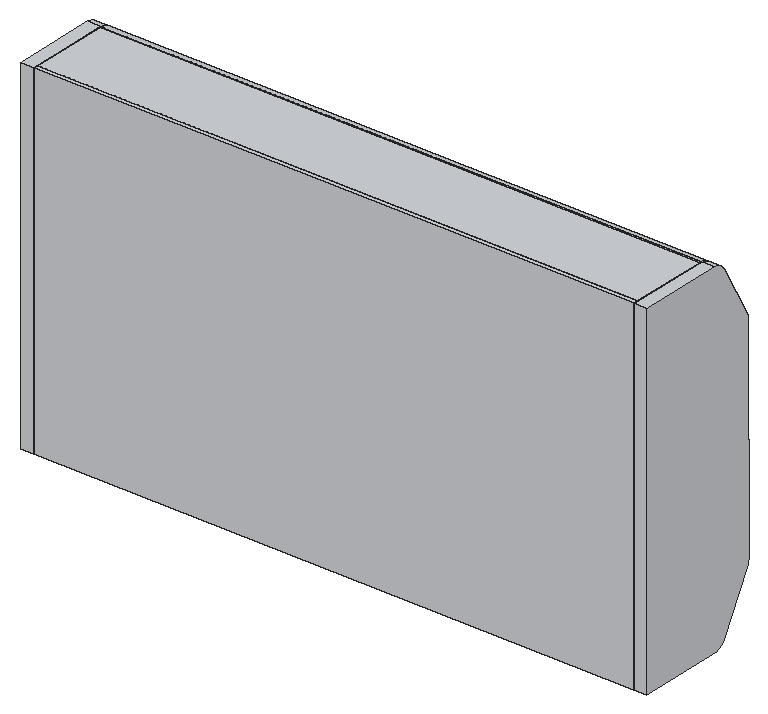
Revit family "Caspian LST 120 Mk1", category Mechanical Equipment, host Wall, Revit 2017 (continued)
Forms (mm)
  Extrusion 423, solid, material <- "Specification"
    sketch origin (148.731, 0, 660) x (0, 1, 0) y (0, 0, 1)
      loop
        line (310.877, -552.946) -> (308.696, -551.726) -> (261.439, -636.214) -> (263.621, -637.435) -> (310.877, -552.946)
    from 247.5 to 250
  Extrusion 424, solid, material <- "Specification"
    sketch origin (143.731, 0, 660) x (0, 1, 0) y (0, 0, 1)
      loop
        line (310.877, -552.946) -> (308.696, -551.726) -> (261.439, -636.214) -> (263.621, -637.435) -> (310.877, -552.946)
    from 247.5 to 250
  Extrusion 425, solid, material <- "Specification"
    sketch origin (138.731, 0, 660) x (0, 1, 0) y (0, 0, 1)
      loop
        line (310.877, -552.946) -> (308.696, -551.726) -> (261.439, -636.214) -> (263.621, -637.435) -> (310.877, -552.946)
    from 247.5 to 250
  Extrusion 426, solid, material <- "Specification"
    sketch origin (133.731, 0, 660) x (0, 1, 0) y (0, 0, 1)
      loop
        line (310.877, -552.946) -> (308.696, -551.726) -> (261.439, -636.214) -> (263.621, -637.435) -> (310.877, -552.946)
    from 247.5 to 250
  Extrusion 427, solid, material <- "Specification"
    sketch origin (128.731, 0, 660) x (0, 1, 0) y (0, 0, 1)
      loop
        line (310.877, -552.946) -> (308.696, -551.726) -> (261.439, -636.214) -> (263.621, -637.435) -> (310.877, -552.946)
    from 247.5 to 250
  Extrusion 428, solid, material <- "Specification"
    sketch origin (123.731, 0, 660) x (0, 1, 0) y (0, 0, 1)
      loop
        line (310.877, -552.946) -> (308.696, -551.726) -> (261.439, -636.214) -> (263.621, -637.435) -> (310.877, -552.946)
    from 247.5 to 250
  Extrusion 429, solid, material <- "Specification"
    sketch origin (118.731, 0, 660) x (0, 1, 0) y (0, 0, 1)
      loop
        line (310.877, -552.946) -> (308.696, -551.726) -> (261.439, -636.214) -> (263.621, -637.435) -> (310.877, -552.946)
    from 247.5 to 250
  Extrusion 430, solid, material <- "Specification"
    sketch origin (113.731, 0, 660) x (0, 1, 0) y (0, 0, 1)
      loop
        line (310.877, -552.946) -> (308.696, -551.726) -> (261.439, -636.214) -> (263.621, -637.435) -> (310.877, -552.946)
    from 247.5 to 250
  Extrusion 431, solid, material <- "Specification"
    sketch origin (108.731, 0, 660) x (0, 1, 0) y (0, 0, 1)
      loop
        line (310.877, -552.946) -> (308.696, -551.726) -> (261.439, -636.214) -> (263.621, -637.435) -> (310.877, -552.946)
    from 247.5 to 250
  Extrusion 432, solid, material <- "Specification"
    sketch origin (103.731, 0, 660) x (0, 1, 0) y (0, 0, 1)
      loop
        line (310.877, -552.946) -> (308.696, -551.726) -> (261.439, -636.214) -> (263.621, -637.435) -> (310.877, -552.946)
    from 247.5 to 250
  Extrusion 433, solid, material <- "Specification"
    sketch origin (98.731, 0, 660) x (0, 1, 0) y (0, 0, 1)
      loop
        line (310.877, -552.946) -> (308.696, -551.726) -> (261.439, -636.214) -> (263.621, -637.435) -> (310.877, -552.946)
    from 247.5 to 250
  Extrusion 434, solid, material <- "Specification"
    sketch origin (93.731, 0, 660) x (0, 1, 0) y (0, 0, 1)
      loop
        line (310.877, -552.946) -> (308.696, -551.726) -> (261.439, -636.214) -> (263.621, -637.435) -> (310.877, -552.946)
    from 247.5 to 250
  Extrusion 435, solid, material <- "Specification"
    sketch origin (88.731, 0, 660) x (0, 1, 0) y (0, 0, 1)
      loop
        line (310.877, -552.946) -> (308.696, -551.726) -> (261.439, -636.214) -> (263.621, -637.435) -> (310.877, -552.946)
    from 247.5 to 250
  Extrusion 436, solid, material <- "Specification"
    sketch origin (83.731, 0, 660) x (0, 1, 0) y (0, 0, 1)
      loop
        line (310.877, -552.946) -> (308.696, -551.726) -> (261.439, -636.214) -> (263.621, -637.435) -> (310.877, -552.946)
    from 247.5 to 250
  Extrusion 437, solid, material <- "Specification"
    sketch origin (78.731, 0, 660) x (0, 1, 0) y (0, 0, 1)
      loop
        line (310.877, -552.946) -> (308.696, -551.726) -> (261.439, -636.214) -> (263.621, -637.435) -> (310.877, -552.946)
    from 247.5 to 250
  Extrusion 438, solid, material <- "Specification"
    sketch origin (73.731, 0, 660) x (0, 1, 0) y (0, 0, 1)
      loop
        line (310.877, -552.946) -> (308.696, -551.726) -> (261.439, -636.214) -> (263.621, -637.435) -> (310.877, -552.946)
    from 247.5 to 250
  Extrusion 439, solid, material <- "Specification"
    sketch origin (68.731, 0, 660) x (0, 1, 0) y (0, 0, 1)
      loop
        line (310.877, -552.946) -> (308.696, -551.726) -> (261.439, -636.214) -> (263.621, -637.435) -> (310.877, -552.946)
    from 247.5 to 250
  Extrusion 440, solid, material <- "Specification"
    sketch origin (63.731, 0, 660) x (0, 1, 0) y (0, 0, 1)
      loop
        line (310.877, -552.946) -> (308.696, -551.726) -> (261.439, -636.214) -> (263.621, -637.435) -> (310.877, -552.946)
    from 247.5 to 250
  Extrusion 441, solid, material <- "Specification"
    sketch origin (58.731, 0, 660) x (0, 1, 0) y (0, 0, 1)
      loop
        line (310.877, -552.946) -> (308.696, -551.726) -> (261.439, -636.214) -> (263.621, -637.435) -> (310.877, -552.946)
    from 247.5 to 250
  Extrusion 442, solid, material <- "Specification"
    sketch origin (53.731, 0, 660) x (0, 1, 0) y (0, 0, 1)
      loop
        line (310.877, -552.946) -> (308.696, -551.726) -> (261.439, -636.214) -> (263.621, -637.435) -> (310.877, -552.946)
    from 247.5 to 250
  Extrusion 443, solid, material <- "Specification"
    sketch origin (48.731, 0, 660) x (0, 1, 0) y (0, 0, 1)
      loop
        line (310.877, -552.946) -> (308.696, -551.726) -> (261.439, -636.214) -> (263.621, -637.435) -> (310.877, -552.946)
    from 247.5 to 250
  Extrusion 444, solid, material <- "Specification"
    sketch origin (43.731, 0, 660) x (0, 1, 0) y (0, 0, 1)
      loop
        line (310.877, -552.946) -> (308.696, -551.726) -> (261.439, -636.214) -> (263.621, -637.435) -> (310.877, -552.946)
    from 247.5 to 250
  Extrusion 445, solid, material <- "Specification"
    sketch origin (38.731, 0, 660) x (0, 1, 0) y (0, 0, 1)
      loop
        line (310.877, -552.946) -> (308.696, -551.726) -> (261.439, -636.214) -> (263.621, -637.435) -> (310.877, -552.946)
    from 247.5 to 250
  Extrusion 446, solid, material <- "Specification"
    sketch origin (33.731, 0, 660) x (0, 1, 0) y (0, 0, 1)
      loop
        line (310.877, -552.946) -> (308.696, -551.726) -> (261.439, -636.214) -> (263.621, -637.435) -> (310.877, -552.946)
    from 247.5 to 250
  Extrusion 447, solid, material <- "Specification"
    sketch origin (28.731, 0, 660) x (0, 1, 0) y (0, 0, 1)
      loop
        line (310.877, -552.946) -> (308.696, -551.726) -> (261.439, -636.214) -> (263.621, -637.435) -> (310.877, -552.946)
    from 247.5 to 250
  Extrusion 448, solid, material <- "Specification"
    sketch origin (23.731, 0, 660) x (0, 1, 0) y (0, 0, 1)
      loop
        line (310.877, -552.946) -> (308.696, -551.726) -> (261.439, -636.214) -> (263.621, -637.435) -> (310.877, -552.946)
    from 247.5 to 250
  Extrusion 449, solid, material <- "Specification"
    sketch origin (18.731, 0, 660) x (0, 1, 0) y (0, 0, 1)
      loop
        line (310.877, -552.946) -> (308.696, -551.726) -> (261.439, -636.214) -> (263.621, -637.435) -> (310.877, -552.946)
    from 247.5 to 250
  Extrusion 450, solid, material <- "Specification"
    sketch origin (13.731, 0, 660) x (0, 1, 0) y (0, 0, 1)
      loop
        line (310.877, -552.946) -> (308.696, -551.726) -> (261.439, -636.214) -> (263.621, -637.435) -> (310.877, -552.946)
    from 247.5 to 250
  Extrusion 451, solid, material <- "Specification"
    sketch origin (8.731, 0, 660) x (0, 1, 0) y (0, 0, 1)
      loop
        line (310.877, -552.946) -> (308.696, -551.726) -> (261.439, -636.214) -> (263.621, -637.435) -> (310.877, -552.946)
    from 247.5 to 250
  Extrusion 452, solid, material <- "Specification"
    sketch origin (3.75, 0.436, 660) x (0, 1, 0) y (0, 0, 1)
      loop
        line (310.877, -552.946) -> (308.696, -551.726) -> (261.439, -636.214) -> (263.621, -637.435) -> (310.877, -552.946)
    from 247.5 to 250
  Extrusion 453, solid, material <- "Specification"
    sketch origin (-1.25, 0.436, 660) x (0, 1, 0) y (0, 0, 1)
      loop
        line (310.877, -552.946) -> (308.696, -551.726) -> (261.439, -636.214) -> (263.621, -637.435) -> (310.877, -552.946)
    from 247.5 to 250
  Extrusion 454, solid, material <- "Specification"
    sketch origin (263.731, 0, 660) x (0, 1, 0) y (0, 0, 1)
      loop
        line (310.877, -552.946) -> (308.696, -551.726) -> (261.439, -636.214) -> (263.621, -637.435) -> (310.877, -552.946)
    from 247.5 to 250
  Extrusion 455, solid, material <- "Specification"
    sketch origin (258.731, 0, 660) x (0, 1, 0) y (0, 0, 1)
      loop
        line (310.877, -552.946) -> (308.696, -551.726) -> (261.439, -636.214) -> (263.621, -637.435) -> (310.877, -552.946)
    from 247.5 to 250
  Extrusion 456, solid, material <- "Specification"
    sketch origin (253.731, 0, 660) x (0, 1, 0) y (0, 0, 1)
      loop
        line (310.877, -552.946) -> (308.696, -551.726) -> (261.439, -636.214) -> (263.621, -637.435) -> (310.877, -552.946)
    from 247.5 to 250
  Extrusion 457, solid, material <- "Specification"
    sketch origin (248.731, 0, 660) x (0, 1, 0) y (0, 0, 1)
      loop
        line (310.877, -552.946) -> (308.696, -551.726) -> (261.439, -636.214) -> (263.621, -637.435) -> (310.877, -552.946)
    from 247.5 to 250
  Extrusion 458, solid, material <- "Specification"
    sketch origin (243.731, 0, 660) x (0, 1, 0) y (0, 0, 1)
      loop
        line (310.877, -552.946) -> (308.696, -551.726) -> (261.439, -636.214) -> (263.621, -637.435) -> (310.877, -552.946)
    from 247.5 to 250
  Extrusion 459, solid, material <- "Specification"
    sketch origin (268.731, 0, 660) x (0, 1, 0) y (0, 0, 1)
      loop
        line (310.877, -552.946) -> (308.696, -551.726) -> (261.439, -636.214) -> (263.621, -637.435) -> (310.877, -552.946)
    from 247.5 to 250
  Extrusion 460, solid, material <- "Specification"
    sketch origin (6.25, 0, 660) x (0, 1, 0) y (0, 0, -1)
      loop
        line (310.877, 552.946) -> (263.621, 637.435) -> (261.439, 636.214) -> (308.696, 551.726) -> (310.877, 552.946)
    from 247.5 to 250
  Extrusion 461, solid, material <- "Specification"
    sketch origin (11.25, 0, 660) x (0, 1, 0) y (0, 0, -1)
      loop
        line (310.877, 552.946) -> (263.621, 637.435) -> (261.439, 636.214) -> (308.696, 551.726) -> (310.877, 552.946)
    from 247.5 to 250
  Extrusion 462, solid, material <- "Specification"
    sketch origin (16.25, 0, 660) x (0, 1, 0) y (0, 0, -1)
      loop
        line (310.877, 552.946) -> (263.621, 637.435) -> (261.439, 636.214) -> (308.696, 551.726) -> (310.877, 552.946)
    from 247.5 to 250
  Extrusion 463, solid, material <- "Specification"
    sketch origin (21.25, 0, 660) x (0, 1, 0) y (0, 0, -1)
      loop
        line (310.877, 552.946) -> (263.621, 637.435) -> (261.439, 636.214) -> (308.696, 551.726) -> (310.877, 552.946)
    from 247.5 to 250
  Extrusion 464, solid, material <- "Specification"
    sketch origin (26.25, 0, 660) x (0, 1, 0) y (0, 0, -1)
      loop
        line (310.877, 552.946) -> (263.621, 637.435) -> (261.439, 636.214) -> (308.696, 551.726) -> (310.877, 552.946)
    from 247.5 to 250
  Extrusion 465, solid, material <- "Specification"
    sketch origin (31.25, 0, 660) x (0, 1, 0) y (0, 0, -1)
      loop
        line (310.877, 552.946) -> (263.621, 637.435) -> (261.439, 636.214) -> (308.696, 551.726) -> (310.877, 552.946)
    from 247.5 to 250
  Extrusion 466, solid, material <- "Specification"
    sketch origin (36.25, 0, 660) x (0, 1, 0) y (0, 0, -1)
      loop
        line (310.877, 552.946) -> (263.621, 637.435) -> (261.439, 636.214) -> (308.696, 551.726) -> (310.877, 552.946)
    from 247.5 to 250
  Extrusion 467, solid, material <- "Specification"
    sketch origin (41.25, 0, 660) x (0, 1, 0) y (0, 0, -1)
      loop
        line (310.877, 552.946) -> (263.621, 637.435) -> (261.439, 636.214) -> (308.696, 551.726) -> (310.877, 552.946)
    from 247.5 to 250
  Extrusion 468, solid, material <- "Specification"
    sketch origin (46.25, 0, 660) x (0, 1, 0) y (0, 0, -1)
      loop
        line (310.877, 552.946) -> (263.621, 637.435) -> (261.439, 636.214) -> (308.696, 551.726) -> (310.877, 552.946)
    from 247.5 to 250
  Extrusion 469, solid, material <- "Specification"
    sketch origin (51.25, 0, 660) x (0, 1, 0) y (0, 0, -1)
      loop
        line (310.877, 552.946) -> (263.621, 637.435) -> (261.439, 636.214) -> (308.696, 551.726) -> (310.877, 552.946)
    from 247.5 to 250
  Extrusion 470, solid, material <- "Specification"
    sketch origin (56.25, 0, 660) x (0, 1, 0) y (0, 0, -1)
      loop
        line (310.877, 552.946) -> (263.621, 637.435) -> (261.439, 636.214) -> (308.696, 551.726) -> (310.877, 552.946)
    from 247.5 to 250
  Extrusion 471, solid, material <- "Specification"
    sketch origin (61.25, 0, 660) x (0, 1, 0) y (0, 0, -1)
      loop
        line (310.877, 552.946) -> (263.621, 637.435) -> (261.439, 636.214) -> (308.696, 551.726) -> (310.877, 552.946)
    from 247.5 to 250
  Extrusion 472, solid, material <- "Specification"
    sketch origin (66.25, 0, 660) x (0, 1, 0) y (0, 0, -1)
      loop
        line (310.877, 552.946) -> (263.621, 637.435) -> (261.439, 636.214) -> (308.696, 551.726) -> (310.877, 552.946)
    from 247.5 to 250
  Extrusion 473, solid, material <- "Specification"
    sketch origin (71.25, 0, 660) x (0, 1, 0) y (0, 0, -1)
      loop
        line (310.877, 552.946) -> (263.621, 637.435) -> (261.439, 636.214) -> (308.696, 551.726) -> (310.877, 552.946)
    from 247.5 to 250
  Extrusion 474, solid, material <- "Specification"
    sketch origin (76.25, 0, 660) x (0, 1, 0) y (0, 0, -1)
      loop
        line (310.877, 552.946) -> (263.621, 637.435) -> (261.439, 636.214) -> (308.696, 551.726) -> (310.877, 552.946)
    from 247.5 to 250
  Extrusion 475, solid, material <- "Specification"
    sketch origin (81.25, 0, 660) x (0, 1, 0) y (0, 0, -1)
      loop
        line (310.877, 552.946) -> (263.621, 637.435) -> (261.439, 636.214) -> (308.696, 551.726) -> (310.877, 552.946)
    from 247.5 to 250
  Extrusion 476, solid, material <- "Specification"
    sketch origin (86.25, 0, 660) x (0, 1, 0) y (0, 0, -1)
      loop
        line (310.877, 552.946) -> (263.621, 637.435) -> (261.439, 636.214) -> (308.696, 551.726) -> (310.877, 552.946)
    from 247.5 to 250
  Extrusion 477, solid, material <- "Specification"
    sketch origin (91.25, 0, 660) x (0, 1, 0) y (0, 0, -1)
      loop
        line (310.877, 552.946) -> (263.621, 637.435) -> (261.439, 636.214) -> (308.696, 551.726) -> (310.877, 552.946)
    from 247.5 to 250
  Extrusion 478, solid, material <- "Specification"
    sketch origin (96.25, 0, 660) x (0, 1, 0) y (0, 0, -1)
      loop
        line (310.877, 552.946) -> (263.621, 637.435) -> (261.439, 636.214) -> (308.696, 551.726) -> (310.877, 552.946)
    from 247.5 to 250
  Extrusion 479, solid, material <- "Specification"
    sketch origin (101.25, 0, 660) x (0, 1, 0) y (0, 0, -1)
      loop
        line (310.877, 552.946) -> (263.621, 637.435) -> (261.439, 636.214) -> (308.696, 551.726) -> (310.877, 552.946)
    from 247.5 to 250
  Extrusion 480, solid, material <- "Specification"
    sketch origin (106.25, 0, 660) x (0, 1, 0) y (0, 0, -1)
      loop
        line (310.877, 552.946) -> (263.621, 637.435) -> (261.439, 636.214) -> (308.696, 551.726) -> (310.877, 552.946)
    from 247.5 to 250
  Extrusion 481, solid, material <- "Specification"
    sketch origin (111.25, 0, 660) x (0, 1, 0) y (0, 0, -1)
      loop
        line (310.877, 552.946) -> (263.621, 637.435) -> (261.439, 636.214) -> (308.696, 551.726) -> (310.877, 552.946)
    from 247.5 to 250
  Extrusion 482, solid, material <- "Specification"
    sketch origin (116.25, 0, 660) x (0, 1, 0) y (0, 0, -1)
      loop
        line (310.877, 552.946) -> (263.621, 637.435) -> (261.439, 636.214) -> (308.696, 551.726) -> (310.877, 552.946)
    from 247.5 to 250
  Extrusion 483, solid, material <- "Specification"
    sketch origin (121.25, 0, 660) x (0, 1, 0) y (0, 0, -1)
      loop
        line (310.877, 552.946) -> (263.621, 637.435) -> (261.439, 636.214) -> (308.696, 551.726) -> (310.877, 552.946)
    from 247.5 to 250
  Extrusion 484, solid, material <- "Specification"
    sketch origin (126.25, 0, 660) x (0, 1, 0) y (0, 0, -1)
      loop
        line (310.877, 552.946) -> (263.621, 637.435) -> (261.439, 636.214) -> (308.696, 551.726) -> (310.877, 552.946)
    from 247.5 to 250
  Extrusion 485, solid, material <- "Specification"
    sketch origin (131.25, 0, 660) x (0, 1, 0) y (0, 0, -1)
      loop
        line (310.877, 552.946) -> (263.621, 637.435) -> (261.439, 636.214) -> (308.696, 551.726) -> (310.877, 552.946)
    from 247.5 to 250
  Extrusion 486, solid, material <- "Specification"
    sketch origin (136.25, 0, 660) x (0, 1, 0) y (0, 0, -1)
      loop
        line (310.877, 552.946) -> (263.621, 637.435) -> (261.439, 636.214) -> (308.696, 551.726) -> (310.877, 552.946)
    from 247.5 to 250
  Extrusion 487, solid, material <- "Specification"
    sketch origin (141.25, 0, 660) x (0, 1, 0) y (0, 0, -1)
      loop
        line (310.877, 552.946) -> (263.621, 637.435) -> (261.439, 636.214) -> (308.696, 551.726) -> (310.877, 552.946)
    from 247.5 to 250
  Extrusion 488, solid, material <- "Specification"
    sketch origin (146.25, 0, 660) x (0, 1, 0) y (0, 0, -1)
      loop
        line (310.877, 552.946) -> (263.621, 637.435) -> (261.439, 636.214) -> (308.696, 551.726) -> (310.877, 552.946)
    from 247.5 to 250
  Extrusion 489, solid, material <- "Specification"
    sketch origin (151.25, 0, 660) x (0, 1, 0) y (0, 0, -1)
      loop
        line (310.877, 552.946) -> (263.621, 637.435) -> (261.439, 636.214) -> (308.696, 551.726) -> (310.877, 552.946)
    from 247.5 to 250
  Extrusion 490, solid, material <- "Specification"
    sketch origin (156.25, 0, 660) x (0, 1, 0) y (0, 0, -1)
      loop
        line (310.877, 552.946) -> (263.621, 637.435) -> (261.439, 636.214) -> (308.696, 551.726) -> (310.877, 552.946)
    from 247.5 to 250
  Extrusion 491, solid, material <- "Specification"
    sketch origin (161.25, 0, 660) x (0, 1, 0) y (0, 0, -1)
      loop
        line (310.877, 552.946) -> (263.621, 637.435) -> (261.439, 636.214) -> (308.696, 551.726) -> (310.877, 552.946)
    from 247.5 to 250
  Extrusion 492, solid, material <- "Specification"
    sketch origin (166.25, 0, 660) x (0, 1, 0) y (0, 0, -1)
      loop
        line (310.877, 552.946) -> (263.621, 637.435) -> (261.439, 636.214) -> (308.696, 551.726) -> (310.877, 552.946)
    from 247.5 to 250
  Extrusion 493, solid, material <- "Specification"
    sketch origin (171.25, 0, 660) x (0, 1, 0) y (0, 0, -1)
      loop
        line (310.877, 552.946) -> (263.621, 637.435) -> (261.439, 636.214) -> (308.696, 551.726) -> (310.877, 552.946)
    from 247.5 to 250
  Extrusion 494, solid, material <- "Specification"
    sketch origin (176.25, 0, 660) x (0, 1, 0) y (0, 0, -1)
      loop
        line (310.877, 552.946) -> (263.621, 637.435) -> (261.439, 636.214) -> (308.696, 551.726) -> (310.877, 552.946)
    from 247.5 to 250
  Extrusion 495, solid, material <- "Specification"
    sketch origin (181.25, 0, 660) x (0, 1, 0) y (0, 0, -1)
      loop
        line (310.877, 552.946) -> (263.621, 637.435) -> (261.439, 636.214) -> (308.696, 551.726) -> (310.877, 552.946)
    from 247.5 to 250
  Extrusion 496, solid, material <- "Specification"
    sketch origin (186.25, 0, 660) x (0, 1, 0) y (0, 0, -1)
      loop
        line (310.877, 552.946) -> (263.621, 637.435) -> (261.439, 636.214) -> (308.696, 551.726) -> (310.877, 552.946)
    from 247.5 to 250
  Extrusion 497, solid, material <- "Specification"
    sketch origin (191.25, 0, 660) x (0, 1, 0) y (0, 0, -1)
      loop
        line (310.877, 552.946) -> (263.621, 637.435) -> (261.439, 636.214) -> (308.696, 551.726) -> (310.877, 552.946)
    from 247.5 to 250
  Extrusion 498, solid, material <- "Specification"
    sketch origin (196.25, 0, 660) x (0, 1, 0) y (0, 0, -1)
      loop
        line (310.877, 552.946) -> (263.621, 637.435) -> (261.439, 636.214) -> (308.696, 551.726) -> (310.877, 552.946)
    from 247.5 to 250
  Extrusion 499, solid, material <- "Specification"
    sketch origin (201.25, 0, 660) x (0, 1, 0) y (0, 0, -1)
      loop
        line (310.877, 552.946) -> (263.621, 637.435) -> (261.439, 636.214) -> (308.696, 551.726) -> (310.877, 552.946)
    from 247.5 to 250
  Extrusion 500, solid, material <- "Specification"
    sketch origin (206.25, 0, 660) x (0, 1, 0) y (0, 0, -1)
      loop
        line (310.877, 552.946) -> (263.621, 637.435) -> (261.439, 636.214) -> (308.696, 551.726) -> (310.877, 552.946)
    from 247.5 to 250
  Extrusion 501, solid, material <- "Specification"
    sketch origin (211.25, 0, 660) x (0, 1, 0) y (0, 0, -1)
      loop
        line (310.877, 552.946) -> (263.621, 637.435) -> (261.439, 636.214) -> (308.696, 551.726) -> (310.877, 552.946)
    from 247.5 to 250
  Extrusion 502, solid, material <- "Specification"
    sketch origin (216.25, 0, 660) x (0, 1, 0) y (0, 0, -1)
      loop
        line (310.877, 552.946) -> (263.621, 637.435) -> (261.439, 636.214) -> (308.696, 551.726) -> (310.877, 552.946)
    from 247.5 to 250
  Extrusion 503, solid, material <- "Specification"
    sketch origin (221.25, 0, 660) x (0, 1, 0) y (0, 0, -1)
      loop
        line (310.877, 552.946) -> (263.621, 637.435) -> (261.439, 636.214) -> (308.696, 551.726) -> (310.877, 552.946)
    from 247.5 to 250
  Extrusion 504, solid, material <- "Specification"
    sketch origin (226.25, 0, 660) x (0, 1, 0) y (0, 0, -1)
      loop
        line (310.877, 552.946) -> (263.621, 637.435) -> (261.439, 636.214) -> (308.696, 551.726) -> (310.877, 552.946)
    from 247.5 to 250
  Extrusion 505, solid, material <- "Specification"
    sketch origin (231.25, 0, 660) x (0, 1, 0) y (0, 0, -1)
      loop
        line (310.877, 552.946) -> (263.621, 637.435) -> (261.439, 636.214) -> (308.696, 551.726) -> (310.877, 552.946)
    from 247.5 to 250
  Extrusion 506, solid, material <- "Specification"
    sketch origin (236.25, 0, 660) x (0, 1, 0) y (0, 0, -1)
      loop
        line (310.877, 552.946) -> (263.621, 637.435) -> (261.439, 636.214) -> (308.696, 551.726) -> (310.877, 552.946)
    from 247.5 to 250
  Extrusion 507, solid, material <- "Specification"
    sketch origin (241.231, 0.436, 660) x (0, 1, 0) y (0, 0, -1)
      loop
        line (310.877, 552.946) -> (263.621, 637.435) -> (261.439, 636.214) -> (308.696, 551.726) -> (310.877, 552.946)
    from 247.5 to 250
  Extrusion 508, solid, material <- "Specification"
    sketch origin (246.231, 0.436, 660) x (0, 1, 0) y (0, 0, -1)
      loop
        line (310.877, 552.946) -> (263.621, 637.435) -> (261.439, 636.214) -> (308.696, 551.726) -> (310.877, 552.946)
    from 247.5 to 250
  Extrusion 509, solid, material <- "Specification"
    sketch origin (-238.731, 0, 660) x (0, 1, 0) y (0, 0, -1)
      loop
        line (310.877, 552.946) -> (263.621, 637.435) -> (261.439, 636.214) -> (308.696, 551.726) -> (310.877, 552.946)
    from 247.5 to 250
  Extrusion 510, solid, material <- "Specification"
    sketch origin (-233.731, 0, 660) x (0, 1, 0) y (0, 0, -1)
      loop
        line (310.877, 552.946) -> (263.621, 637.435) -> (261.439, 636.214) -> (308.696, 551.726) -> (310.877, 552.946)
    from 247.5 to 250
  Extrusion 511, solid, material <- "Specification"
    sketch origin (-228.731, 0, 660) x (0, 1, 0) y (0, 0, -1)
      loop
        line (310.877, 552.946) -> (263.621, 637.435) -> (261.439, 636.214) -> (308.696, 551.726) -> (310.877, 552.946)
    from 247.5 to 250
  Extrusion 512, solid, material <- "Specification"
    sketch origin (-223.731, 0, 660) x (0, 1, 0) y (0, 0, -1)
      loop
        line (310.877, 552.946) -> (263.621, 637.435) -> (261.439, 636.214) -> (308.696, 551.726) -> (310.877, 552.946)
    from 247.5 to 250
  Extrusion 513, solid, material <- "Specification"
    sketch origin (-218.731, 0, 660) x (0, 1, 0) y (0, 0, -1)
      loop
        line (310.877, 552.946) -> (263.621, 637.435) -> (261.439, 636.214) -> (308.696, 551.726) -> (310.877, 552.946)
    from 247.5 to 250
  Extrusion 514, solid, material <- "Specification"
    sketch origin (-213.731, 0, 660) x (0, 1, 0) y (0, 0, -1)
      loop
        line (310.877, 552.946) -> (263.621, 637.435) -> (261.439, 636.214) -> (308.696, 551.726) -> (310.877, 552.946)
    from 247.5 to 250
  Extrusion 515, solid, material <- "Specification"
    sketch origin (-208.731, 0, 660) x (0, 1, 0) y (0, 0, -1)
      loop
        line (310.877, 552.946) -> (263.621, 637.435) -> (261.439, 636.214) -> (308.696, 551.726) -> (310.877, 552.946)
    from 247.5 to 250
  Extrusion 516, solid, material <- "Specification"
    sketch origin (-203.731, 0, 660) x (0, 1, 0) y (0, 0, -1)
      loop
        line (310.877, 552.946) -> (263.621, 637.435) -> (261.439, 636.214) -> (308.696, 551.726) -> (310.877, 552.946)
    from 247.5 to 250
  Extrusion 517, solid, material <- "Specification"
    sketch origin (-198.731, 0, 660) x (0, 1, 0) y (0, 0, -1)
      loop
        line (310.877, 552.946) -> (263.621, 637.435) -> (261.439, 636.214) -> (308.696, 551.726) -> (310.877, 552.946)
    from 247.5 to 250
  Extrusion 518, solid, material <- "Specification"
    sketch origin (-193.731, 0, 660) x (0, 1, 0) y (0, 0, -1)
      loop
        line (310.877, 552.946) -> (263.621, 637.435) -> (261.439, 636.214) -> (308.696, 551.726) -> (310.877, 552.946)
    from 247.5 to 250
  Extrusion 519, solid, material <- "Specification"
    sketch origin (-188.731, 0, 660) x (0, 1, 0) y (0, 0, -1)
      loop
        line (310.877, 552.946) -> (263.621, 637.435) -> (261.439, 636.214) -> (308.696, 551.726) -> (310.877, 552.946)
    from 247.5 to 250
  Extrusion 520, solid, material <- "Specification"
    sketch origin (-183.731, 0, 660) x (0, 1, 0) y (0, 0, -1)
      loop
        line (310.877, 552.946) -> (263.621, 637.435) -> (261.439, 636.214) -> (308.696, 551.726) -> (310.877, 552.946)
    from 247.5 to 250
  Extrusion 521, solid, material <- "Specification"
    sketch origin (-178.731, 0, 660) x (0, 1, 0) y (0, 0, -1)
      loop
        line (310.877, 552.946) -> (263.621, 637.435) -> (261.439, 636.214) -> (308.696, 551.726) -> (310.877, 552.946)
    from 247.5 to 250
  Extrusion 522, solid, material <- "Specification"
    sketch origin (-173.731, 0, 660) x (0, 1, 0) y (0, 0, -1)
      loop
        line (310.877, 552.946) -> (263.621, 637.435) -> (261.439, 636.214) -> (308.696, 551.726) -> (310.877, 552.946)
    from 247.5 to 250
  Extrusion 523, solid, material <- "Specification"
    sketch origin (-168.731, 0, 660) x (0, 1, 0) y (0, 0, -1)
      loop
        line (310.877, 552.946) -> (263.621, 637.435) -> (261.439, 636.214) -> (308.696, 551.726) -> (310.877, 552.946)
    from 247.5 to 250
  Extrusion 524, solid, material <- "Specification"
    sketch origin (-163.731, 0, 660) x (0, 1, 0) y (0, 0, -1)
      loop
        line (310.877, 552.946) -> (263.621, 637.435) -> (261.439, 636.214) -> (308.696, 551.726) -> (310.877, 552.946)
    from 247.5 to 250
  Extrusion 525, solid, material <- "Specification"
    sketch origin (-158.731, 0, 660) x (0, 1, 0) y (0, 0, -1)
      loop
        line (310.877, 552.946) -> (263.621, 637.435) -> (261.439, 636.214) -> (308.696, 551.726) -> (310.877, 552.946)
    from 247.5 to 250
  Extrusion 526, solid, material <- "Specification"
    sketch origin (-153.731, 0, 660) x (0, 1, 0) y (0, 0, -1)
      loop
        line (310.877, 552.946) -> (263.621, 637.435) -> (261.439, 636.214) -> (308.696, 551.726) -> (310.877, 552.946)
    from 247.5 to 250
  Extrusion 527, solid, material <- "Specification"
    sketch origin (-148.731, 0, 660) x (0, 1, 0) y (0, 0, -1)
      loop
        line (310.877, 552.946) -> (263.621, 637.435) -> (261.439, 636.214) -> (308.696, 551.726) -> (310.877, 552.946)
    from 247.5 to 250
  Extrusion 528, solid, material <- "Specification"
    sketch origin (-143.731, 0, 660) x (0, 1, 0) y (0, 0, -1)
      loop
        line (310.877, 552.946) -> (263.621, 637.435) -> (261.439, 636.214) -> (308.696, 551.726) -> (310.877, 552.946)
    from 247.5 to 250
  Extrusion 529, solid, material <- "Specification"
    sketch origin (-138.731, 0, 660) x (0, 1, 0) y (0, 0, -1)
      loop
        line (310.877, 552.946) -> (263.621, 637.435) -> (261.439, 636.214) -> (308.696, 551.726) -> (310.877, 552.946)
    from 247.5 to 250
  Extrusion 530, solid, material <- "Specification"
    sketch origin (-133.731, 0, 660) x (0, 1, 0) y (0, 0, -1)
      loop
        line (310.877, 552.946) -> (263.621, 637.435) -> (261.439, 636.214) -> (308.696, 551.726) -> (310.877, 552.946)
    from 247.5 to 250
  Extrusion 531, solid, material <- "Specification"
    sketch origin (-128.731, 0, 660) x (0, 1, 0) y (0, 0, -1)
      loop
        line (310.877, 552.946) -> (263.621, 637.435) -> (261.439, 636.214) -> (308.696, 551.726) -> (310.877, 552.946)
    from 247.5 to 250
  Extrusion 532, solid, material <- "Specification"
    sketch origin (-123.731, 0, 660) x (0, 1, 0) y (0, 0, -1)
      loop
        line (310.877, 552.946) -> (263.621, 637.435) -> (261.439, 636.214) -> (308.696, 551.726) -> (310.877, 552.946)
    from 247.5 to 250
  Extrusion 533, solid, material <- "Specification"
    sketch origin (-118.731, 0, 660) x (0, 1, 0) y (0, 0, -1)
      loop
        line (310.877, 552.946) -> (263.621, 637.435) -> (261.439, 636.214) -> (308.696, 551.726) -> (310.877, 552.946)
    from 247.5 to 250
  Extrusion 534, solid, material <- "Specification"
    sketch origin (-113.731, 0, 660) x (0, 1, 0) y (0, 0, -1)
      loop
        line (310.877, 552.946) -> (263.621, 637.435) -> (261.439, 636.214) -> (308.696, 551.726) -> (310.877, 552.946)
    from 247.5 to 250
  Extrusion 535, solid, material <- "Specification"
    sketch origin (-108.731, 0, 660) x (0, 1, 0) y (0, 0, -1)
      loop
        line (310.877, 552.946) -> (263.621, 637.435) -> (261.439, 636.214) -> (308.696, 551.726) -> (310.877, 552.946)
    from 247.5 to 250
  Extrusion 536, solid, material <- "Specification"
    sketch origin (-103.731, 0, 660) x (0, 1, 0) y (0, 0, -1)
      loop
        line (310.877, 552.946) -> (263.621, 637.435) -> (261.439, 636.214) -> (308.696, 551.726) -> (310.877, 552.946)
    from 247.5 to 250
  Extrusion 537, solid, material <- "Specification"
    sketch origin (-98.731, 0, 660) x (0, 1, 0) y (0, 0, -1)
      loop
        line (310.877, 552.946) -> (263.621, 637.435) -> (261.439, 636.214) -> (308.696, 551.726) -> (310.877, 552.946)
    from 247.5 to 250
  Extrusion 538, solid, material <- "Specification"
    sketch origin (-93.731, 0, 660) x (0, 1, 0) y (0, 0, -1)
      loop
        line (310.877, 552.946) -> (263.621, 637.435) -> (261.439, 636.214) -> (308.696, 551.726) -> (310.877, 552.946)
    from 247.5 to 250
  Extrusion 539, solid, material <- "Specification"
    sketch origin (-88.731, 0, 660) x (0, 1, 0) y (0, 0, -1)
      loop
        line (310.877, 552.946) -> (263.621, 637.435) -> (261.439, 636.214) -> (308.696, 551.726) -> (310.877, 552.946)
    from 247.5 to 250
  Extrusion 540, solid, material <- "Specification"
    sketch origin (-83.731, 0, 660) x (0, 1, 0) y (0, 0, -1)
      loop
        line (310.877, 552.946) -> (263.621, 637.435) -> (261.439, 636.214) -> (308.696, 551.726) -> (310.877, 552.946)
    from 247.5 to 250
  Extrusion 541, solid, material <- "Specification"
    sketch origin (-78.731, 0, 660) x (0, 1, 0) y (0, 0, -1)
      loop
        line (310.877, 552.946) -> (263.621, 637.435) -> (261.439, 636.214) -> (308.696, 551.726) -> (310.877, 552.946)
    from 247.5 to 250
  Extrusion 542, solid, material <- "Specification"
    sketch origin (-73.731, 0, 660) x (0, 1, 0) y (0, 0, -1)
      loop
        line (310.877, 552.946) -> (263.621, 637.435) -> (261.439, 636.214) -> (308.696, 551.726) -> (310.877, 552.946)
    from 247.5 to 250
  Extrusion 543, solid, material <- "Specification"
    sketch origin (-68.731, 0, 660) x (0, 1, 0) y (0, 0, -1)
      loop
        line (310.877, 552.946) -> (263.621, 637.435) -> (261.439, 636.214) -> (308.696, 551.726) -> (310.877, 552.946)
    from 247.5 to 250
  Extrusion 544, solid, material <- "Specification"
    sketch origin (-63.731, 0, 660) x (0, 1, 0) y (0, 0, -1)
      loop
        line (310.877, 552.946) -> (263.621, 637.435) -> (261.439, 636.214) -> (308.696, 551.726) -> (310.877, 552.946)
    from 247.5 to 250
  Extrusion 545, solid, material <- "Specification"
    sketch origin (-58.731, 0, 660) x (0, 1, 0) y (0, 0, -1)
      loop
        line (310.877, 552.946) -> (263.621, 637.435) -> (261.439, 636.214) -> (308.696, 551.726) -> (310.877, 552.946)
    from 247.5 to 250
  Extrusion 546, solid, material <- "Specification"
    sketch origin (-53.731, 0, 660) x (0, 1, 0) y (0, 0, -1)
      loop
        line (310.877, 552.946) -> (263.621, 637.435) -> (261.439, 636.214) -> (308.696, 551.726) -> (310.877, 552.946)
    from 247.5 to 250
  Extrusion 547, solid, material <- "Specification"
    sketch origin (-48.731, 0, 660) x (0, 1, 0) y (0, 0, -1)
      loop
        line (310.877, 552.946) -> (263.621, 637.435) -> (261.439, 636.214) -> (308.696, 551.726) -> (310.877, 552.946)
    from 247.5 to 250
  Extrusion 548, solid, material <- "Specification"
    sketch origin (-43.731, 0, 660) x (0, 1, 0) y (0, 0, -1)
      loop
        line (310.877, 552.946) -> (263.621, 637.435) -> (261.439, 636.214) -> (308.696, 551.726) -> (310.877, 552.946)
    from 247.5 to 250
  Extrusion 549, solid, material <- "Specification"
    sketch origin (-38.731, 0, 660) x (0, 1, 0) y (0, 0, -1)
      loop
        line (310.877, 552.946) -> (263.621, 637.435) -> (261.439, 636.214) -> (308.696, 551.726) -> (310.877, 552.946)
    from 247.5 to 250
  Extrusion 550, solid, material <- "Specification"
    sketch origin (-33.731, 0, 660) x (0, 1, 0) y (0, 0, -1)
      loop
        line (310.877, 552.946) -> (263.621, 637.435) -> (261.439, 636.214) -> (308.696, 551.726) -> (310.877, 552.946)
    from 247.5 to 250
  Extrusion 551, solid, material <- "Specification"
    sketch origin (-28.731, 0, 660) x (0, 1, 0) y (0, 0, -1)
      loop
        line (310.877, 552.946) -> (263.621, 637.435) -> (261.439, 636.214) -> (308.696, 551.726) -> (310.877, 552.946)
    from 247.5 to 250
  Extrusion 552, solid, material <- "Specification"
    sketch origin (-23.731, 0, 660) x (0, 1, 0) y (0, 0, -1)
      loop
        line (310.877, 552.946) -> (263.621, 637.435) -> (261.439, 636.214) -> (308.696, 551.726) -> (310.877, 552.946)
    from 247.5 to 250
  Extrusion 553, solid, material <- "Specification"
    sketch origin (-18.731, 0, 660) x (0, 1, 0) y (0, 0, -1)
      loop
        line (310.877, 552.946) -> (263.621, 637.435) -> (261.439, 636.214) -> (308.696, 551.726) -> (310.877, 552.946)
    from 247.5 to 250
  Extrusion 554, solid, material <- "Specification"
    sketch origin (-13.731, 0, 660) x (0, 1, 0) y (0, 0, -1)
      loop
        line (310.877, 552.946) -> (263.621, 637.435) -> (261.439, 636.214) -> (308.696, 551.726) -> (310.877, 552.946)
    from 247.5 to 250
  Extrusion 555, solid, material <- "Specification"
    sketch origin (-8.731, 0, 660) x (0, 1, 0) y (0, 0, -1)
      loop
        line (310.877, 552.946) -> (263.621, 637.435) -> (261.439, 636.214) -> (308.696, 551.726) -> (310.877, 552.946)
    from 247.5 to 250
  Extrusion 556, solid, material <- "Specification"
    sketch origin (-3.75, 0.436, 660) x (0, 1, 0) y (0, 0, -1)
      loop
        line (310.877, 552.946) -> (263.621, 637.435) -> (261.439, 636.214) -> (308.696, 551.726) -> (310.877, 552.946)
    from 247.5 to 250
  Extrusion 557, solid, material <- "Specification"
    sketch origin (1.25, 0.436, 660) x (0, 1, 0) y (0, 0, -1)
      loop
        line (310.877, 552.946) -> (263.621, 637.435) -> (261.439, 636.214) -> (308.696, 551.726) -> (310.877, 552.946)
    from 247.5 to 250
  Extrusion 558, solid, material <- "Specification"
    sketch origin (-263.731, 0, 660) x (0, 1, 0) y (0, 0, -1)
      loop
        line (310.877, 552.946) -> (263.621, 637.435) -> (261.439, 636.214) -> (308.696, 551.726) -> (310.877, 552.946)
    from 247.5 to 250
  Extrusion 559, solid, material <- "Specification"
    sketch origin (-258.731, 0, 660) x (0, 1, 0) y (0, 0, -1)
      loop
        line (310.877, 552.946) -> (263.621, 637.435) -> (261.439, 636.214) -> (308.696, 551.726) -> (310.877, 552.946)
    from 247.5 to 250
  Extrusion 560, solid, material <- "Specification"
    sketch origin (-253.731, 0, 660) x (0, 1, 0) y (0, 0, -1)
      loop
        line (310.877, 552.946) -> (263.621, 637.435) -> (261.439, 636.214) -> (308.696, 551.726) -> (310.877, 552.946)
    from 247.5 to 250
  Extrusion 561, solid, material <- "Specification"
    sketch origin (-248.731, 0, 660) x (0, 1, 0) y (0, 0, -1)
      loop
        line (310.877, 552.946) -> (263.621, 637.435) -> (261.439, 636.214) -> (308.696, 551.726) -> (310.877, 552.946)
    from 247.5 to 250
  Extrusion 562, solid, material <- "Specification"
    sketch origin (-243.731, 0, 660) x (0, 1, 0) y (0, 0, -1)
      loop
        line (310.877, 552.946) -> (263.621, 637.435) -> (261.439, 636.214) -> (308.696, 551.726) -> (310.877, 552.946)
    from 247.5 to 250
  Extrusion 563, solid, material <- "Specification"
    sketch origin (-268.731, 0, 660) x (0, 1, 0) y (0, 0, -1)
      loop
        line (310.877, 552.946) -> (263.621, 637.435) -> (261.439, 636.214) -> (308.696, 551.726) -> (310.877, 552.946)
    from 247.5 to 250
Text (mm)
  text "Placement side" at (-1820.995, 1116.779, 0), in view "Ref. Level"
  text "Placement side" at (0, 1334.055, 2976.191), in view "Left"
  text "Placement side" at (0, 439.194, 2944.362), in view "Right"
Dimensions and locks
  locked: plane 3 "Back" to host wall
  aligned and locked: plane 1 "Wall" to host wall
Connectors
  piping at (552.5, 141, 274), diameter 22
    settings: on Extrusion 2, index 3, connector inside diameter 609.6 mm, connector length 0 mm, flow factor 0, pipe flow 0.0 L/s, pressure drop 0.0 Pa, fitting loss kfactor 0, connector angle 0.00°, fixture units 0, engagement length 0 mm, angle of deflection 0.00°, flow configuration 0, flow direction 1, fitting loss method 0, system type 7, joint type 0, gender type 0, connector reference index -1, connector utility 0, adjustable connector no, is connector primary yes, connector description ""
  piping at (552.5, 251, 274), diameter 22
    settings: on Extrusion 3, index 4, connector inside diameter 609.6 mm, connector length 0 mm, flow factor 0, pipe flow 0.0 L/s, pressure drop 0.0 Pa, fitting loss kfactor 0, connector angle 0.00°, fixture units 0, engagement length 0 mm, angle of deflection 0.00°, flow configuration 0, flow direction 1, fitting loss method 0, system type 7, joint type 0, gender type 0, connector reference index -1, connector utility 0, adjustable connector no, is connector primary no, connector description ""
